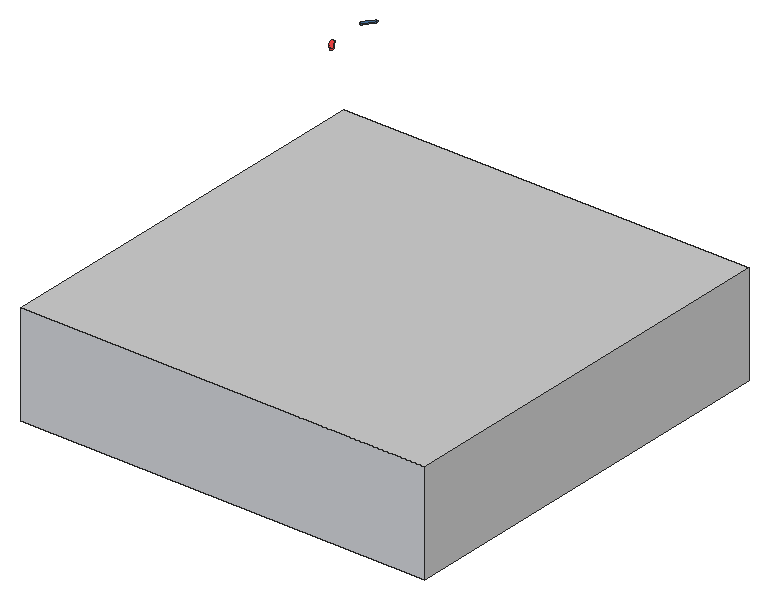
Revit family "PRESTO ALPA 90 ARTE-V con valvula de vaciado", category Aparatos sanitarios, Revit 2015
Parameters (values of type "98925")
  URL = "http://www.prestoiberica.com/ducha/temporizada-arte/alpa-90-arte-v?c=es"
  Teléfono = "(+34) 915 782 575"
  TIPO DE AGUA = "Fria/Caliente"
  REFERENCIA = "98925"
  Presión Máxima = ""
  PESO BRUTO = "1.030 Kg"
  Keynote = ""
  Modelo = "ALPA 90 ARTE V"
  Material = LATON CROMADO
  Imagen de tipo = <Ninguno>
  Fabricante = "PRESTO IBÉRICA"
  Default Elevation = 1219.2 mm
  ENTRADA = "Macho y hembra 3/4\""
  Descripción = "Grifo temporizado mezclador de ducha para instalación vista con cuerpo de latón cromado y pulsador ARTE cromado."
  Código de montaje = "C1030220"
  Contacto = "info@prestoiberica.com"
  Conexión AF = yes
  Conexión AC = yes
  Comentarios de tipo = "Cabeza intercambiable que comprende todo el cuerpo del grifo\r\nApertura de pulsador de mando único con selección de temperatura mediante giro de 180º. Materiales que soportan hasta los 70ºC que permiten desinfecciones térmicas anti-legionela. Válvulas antirretorno incorporadas."
  CIERRE = "Automático en 30 seg."
  CAUDAL = "8 L/Min"
  Accionamiento = "Por pulsador"
Reference planes
  plane 1 "Centro (Frontal/Posterior)": y = 0
  plane 2: z = 0
  plane 3 "Centro (Izquierda/Derecha)": x = 0
Forms (mm)
  Extrusion 1, solid
    sketch origin (0, 0, 0) x (1, 0, 0) y (0, 1, 0)
      loop
        line (-100, 100) -> (-100, -100) -> (100, -100) -> (100, 100) -> (-100, 100)
    from 0 to -50
  Extrusion 2, solid, material "AGUA CALIENTE"
    sketch origin (18.981, 18.832, 106.65) x (-0.374607, -0.927184, 0) y (0.927184, -0.374607, 0)
      loop
        arc (40.454, -24.81) -> (42.348, -22.538) -> (43.653, -19.884) r 12.445
        arc (43.653, -19.884) -> (43.179, -18.897) -> (42.192, -19.371) r 0.774
        arc (42.192, -19.371) -> (40.759, -21.672) -> (39.087, -23.806) r 25.099
        arc (39.087, -23.806) -> (39.352, -24.878) -> (40.454, -24.81) r 0.862
    from 0 to 0.2
  Extrusion 3, solid, material "AGUA FRIA"
    sketch origin (-1.84, -27.116, 106.65) x (-0.34202, 0.939693, 0) y (-0.939693, -0.34202, 0)
      loop
        arc (40.452, 3.771) -> (39.35, 3.839) -> (39.084, 2.766) r 0.862
        arc (39.084, 2.766) -> (40.757, 0.633) -> (42.189, -1.668) r 25.099
        arc (42.189, -1.668) -> (43.177, -2.142) -> (43.651, -1.155) r 0.774
        arc (43.651, -1.155) -> (42.346, 1.499) -> (40.452, 3.771) r 12.445
    from 0 to 0.2
Dimensions and locks
  Extrusion 1 sketch curve to plane 1 "Centro (Frontal/Posterior)" = 100 mm
  aligned and locked: plane 2 to Extrusion 1
  aligned and locked: level to Extrusion 1
Connectors
  piping at (0.5, 45, 32), diameter 19.1
    settings: on import instance, index 1, connector inside diameter 609.6 mm, connector length 0 mm, flow factor 0, pipe flow 0.0 L/s, pressure drop 0.0 Pa, fitting loss kfactor 0, connector angle 0.00°, fixture units 0, engagement length 0 mm, angle of deflection 0.00°, flow configuration 0, flow direction 1, fitting loss method 0, system type 20, joint type 0, gender type 0, connector reference index -1, connector utility 0, adjustable connector no, is connector primary yes, connector description ""
  piping at (0.5, -45, 32), diameter 19.1
    settings: on import instance, index 2, connector inside diameter 609.6 mm, connector length 0 mm, flow factor 0, pipe flow 0.0 L/s, pressure drop 0.0 Pa, fitting loss kfactor 0, connector angle 0.00°, fixture units 0, engagement length 0 mm, angle of deflection 0.00°, flow configuration 0, flow direction 1, fitting loss method 0, system type 19, joint type 0, gender type 0, connector reference index -1, connector utility 0, adjustable connector no, is connector primary no, connector description ""
